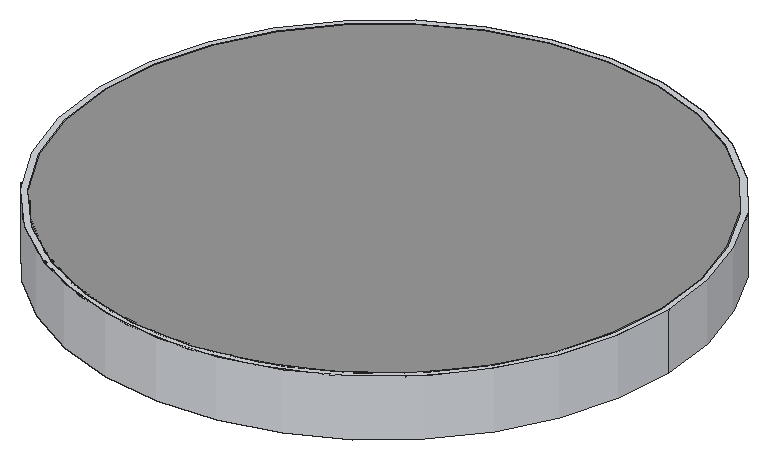
Revit family "2071222", category Lighting Fixtures, host Face, Revit 2018
Family settings
  Host = Face
  Round Connector Dimension = Use Diameter
  Part Type = Normal
  OmniClass Number = 23.80.70.00
  OmniClass Title = Lighting
  Cut with Voids When Loaded = No
  Light Source = Yes
  Shared = No
  Room Calculation Point = No
Parameters (values of type "2071222 COLOSSAL 600 940 OP DIR+H WHT EM")
  iner diameter = 588 mm
  Weight = "n/a"
  Wattage Comments = ""
  Wattage = 30 W
  WarrantyStartDate [instance] = "n/a"
  WarrantyGuarantorParts = "n/a"
  WarrantyDurationUnit = "n/a"
  WarrantyDurationParts = ""
  WarrantyDescription = "http://www.sylvania-lighting.com"
  built-in parameter 1150110 = 1 (stored number, unit not read)
  Voltage = 230 V
  URL = "0.95"
  TypeName = "COLOSSAL 600mm 940 OPAL DIR+HAL WHITE EM"
  Type Image = <None>
  Type Comments = "n/a"
  built-in parameter 1114217 = 1 (stored number, unit not read)
  Tilt Angle = -90.00°
  built-in parameter 1150109 = 1 (stored number, unit not read)
  built-in parameter 1150134 = (empty or 0)
  built-in parameter 1150113 = 1 (stored number, unit not read)
  SerialNumber [instance] = "n/a"
  Photometric Web File = "2071222.ies"
  Material_3_SYL = LED-Sylvania
  PowerFactor = 0
  PowerConsumption = "Lighting"
  NominalLength = 600 mm
  NominalHeight = 93 mm
  NominalDepth = 600 mm
  Name = "COLOSSAL 600mm 940 OPAL DIR+HAL WHITE EM"
  ModelReference = Name  # "COLOSSAL 600mm 940 OPAL DIR+HAL WHITE EM"
  ModelNumber = "2071222"
  Model = Name  # "COLOSSAL 600mm 940 OPAL DIR+HAL WHITE EM"
  Material = "Feilo Sylvania"
  ManufacturerName = "112 lm/W"
  Manufacturer = ""
  LuminousEfficacy = ""
  built-in parameter 1150105 = 270.44 (stored number, unit not read)
  Lumens = 3398.4 lm
  LuminaireType = "0"
  built-in parameter 1150115 = 1 (stored number, unit not read)
  LightOutputRatio = "LED"
  built-in parameter 1150137 = (empty or 0)
  built-in parameter 1150139 = (empty or 0)
  LampsType = Lamp  # "n/a"
  LampNominalLuminous = "4000 K"
  LampMacAdamStep = "90"
  LampColourTemperature = "LED"
  LampColourRenderingIndex = "16500"
  built-in parameter 1150112 = 1 (stored number, unit not read)
  built-in parameter 1150114 = 1 (stored number, unit not read)
  Lamp = "n/a"
  Keynote = "n/a"
  InstallationDate [instance] = "n/a"
  InputVoltage = "0"
  InputNominalFrequency = "4000"
  built-in parameter 1150132 = (empty or 0)
  built-in parameter 1150102 = (empty or 0)
  built-in parameter 1150107 = 3000 (stored number, unit not read)
  built-in parameter 1150138 = (empty or 0)
  IngressProtection = "IfcLightFixtureType"
  ImpactProtectionIndex = "IfcLightFixtureType"
  built-in parameter 1150106 = 2.7044 (stored number, unit not read)
  IfcExportType = "IfcLightFixtureType"
  IfcExportAs = "Class I"
  Emit from Circle Diameter = 385 mm
  Emit Shape Visible in Rendering = no
  ElectricShockClassification = "112"
  built-in parameter 1150104 = 10.524 (stored number, unit not read)
  DocumentationLiterature = "http://www.sylvania-lighting.com/product/en-int/products/2071222"
  DimmingControlOptions = "n/a"
  Material_2_SYL = Polycarbonate_Sylvania_White
  Dimming Lamp Color Temperature Shift = <None>
  Description = "600mm diameter circular architectural luminaire, can be surface mounted or suspended. Powder coated aluminium housing (RAL9016) with polycarbonate opal diffuser. Direct/indirect (halo) light distribution, 4635lm luminuous flux, 41.5W system power, 112lm/W luminiaire efficacy. Constant current driver. 3 hours integrated emergency. Colour rendering index Ra >90, 4000K Neutral White LED, chromaticity tolerance of 3-step MacAdam ellipse. IP40, IK03. 450mA drive current. Electrical protection Class1, 220-240V. Reported lifetime 66k hours L90B10."
  Default Elevation = 1219.2 mm
  CreatedOn = "23/03/2022"
  CreatedBy = "@sylvania-lighting.com"
  Cost = 0
  Color Filter = 16777215
  built-in parameter 1114216 [instance] = (empty or 0)
  ClassificationValue = "EF_70_80"
  ClassificationName = "Uniclass2015"
  Material_1_SYL = Polycarbonate_Sylvania_Opal
  BarCode [instance] = "n/a"
  built-in parameter 1114218 = 1 (stored number, unit not read)
  built-in parameter 1150133 = 10 (stored number, unit not read)
  AssetType = "Fixed"
  AssetIdentifier [instance] = "n/a"
  Assembly Code = "D5020200"
  Apparent Load = 41.5 VA
  Material_4_SYL = none
Reference planes
  plane 1 "Center (Front/Back)": y = 0
  plane 2: z = 0
  plane 3 "Center (Left/Right)": x = 0
  plane 4: x = -300
  plane 5: x = 300
  plane 6: y = 300
  plane 7: y = -300
  plane 8: y = 212
  plane 9: y = -212
  plane 10: z = 93
  plane 11: y = 294
  plane 12: y = -294
  plane 13: through (0, 0, 1219.2) normal (0.5, -0.866, 0)
  plane 14: through (-134.29, 20.617, 1219.2) normal (0.5, -0.866, 0)
  plane 15: through (-144.685, -181.683, 1219.2) normal (-0.5, 0.866, 0)
  plane 16: through (0, 0, 1219.2) normal (0.5, 0.866, 0)
  plane 17: through (178.555, -4.939, 1219.2) normal (0.5, 0.866, 0)
  plane 18: through (87.581, -148.715, 1219.2) normal (0.5, 0.866, 0)
  plane 19: y = 272
  plane 20: through (105.168, 227.067, 1219.2) normal (0.866, 0.5, 0)
  plane 21: through (-104.171, 225.672, 1219.2) normal (0.8572, -0.515, 0)
  plane 22: y = -204.612
  plane 23: through (-296.643, -30.2, 1219.2) normal (0.866, 0.5, 0)
  plane 24: through (153.092, -278.837, 1219.2) normal (-0.866, 0.5, 0)
Forms (mm)
  Extrusion 1, solid, detail levels medium+fine
    sketch origin (0, 0, 0) x (1, 0, 0) y (0, 1, 0)
      loop
        circle (0, 0) r 300
    from 33.023 to 93
  Extrusion 2, void
    sketch origin (0, 0, 0) x (1, 0, 0) y (0, 1, 0)
      loop
        circle (0, 0) r 294
    from 93 to 37.292
  Extrusion 3, solid, material "Glass, White, High Luminance", detail levels fine
    sketch origin (0, 0, 0) x (1, 0, 0) y (0, 1, 0)
      loop
        circle (0, 0) r 294
    from 88.026 to 93
  Extrusion 4, solid, detail levels coarse
    sketch origin (0, 0, 0) x (1, 0, 0) y (0, 1, 0)
      loop
        line (-300, 300) -> (-300, -300) -> (300, -300) -> (300, 300) -> (-300, 300)
    from 0 to 93
  Blend 5, solid, detail levels medium+fine
    base sketch origin (0, 0, 0) x (1, 0, 0) y (0, 1, 0)
      loop
        line (-76.334, 272) -> (-277.665, -63.07) -> (-195.946, -204.612) -> (195.946, -204.612) -> (275.172, -67.388) -> (79.226, 272) -> (-76.334, 272)
    top sketch origin (0, 0, 0) x (1, 0, 0) y (0, 1, 0)
      loop
        line (-226.097, -32.388) -> (-141.097, -179.612) -> (141.097, -179.612) -> (226.097, -32.388) -> (85, 212) -> (-85, 212) -> (-226.097, -32.388)
    from 33.023 to 0
Cuts and joins
  Extrusion 2 cuts Extrusion 1
Lines and regions (mm)
  model lines
    curve 1: line (-85, 212, 0) -> (0, 212, 0)
    curve 2: line (0, 212, 0) -> (85, 212, 0)
Dimensions and locks
  "NominalDepth": plane 6 to plane 7
  "NominalLength": plane 4 to plane 5
  equal spacing: plane 4, plane 3 "Center (Left/Right)", plane 5
  "iner diameter": plane 11 to plane 12
  equal spacing: plane 11, plane 1 "Center (Front/Back)", plane 12
  equal spacing: plane 6, plane 1 "Center (Front/Back)", plane 7
  "NominalHeight": plane 10 to level
  radius of Extrusion 2 sketch curve = 294 mm
  aligned and locked: plane 2 to host face
  aligned and locked: level to host face
Automatic sketch dimensions
  host sketch curve to host sketch curve = 2438.4 mm  (x2)
  plane 1 "Center (Front/Back)" to Extrusion 1 sketch curve = 0 mm
  Extrusion 1 sketch curve to plane 3 "Center (Left/Right)" = 0 mm
  plane 1 "Center (Front/Back)" to Extrusion 2 sketch curve = 0 mm
  Extrusion 2 sketch curve to plane 3 "Center (Left/Right)" = 0 mm
  plane 1 "Center (Front/Back)" to Extrusion 3 sketch curve = 0 mm
  Extrusion 3 sketch curve to plane 3 "Center (Left/Right)" = 0 mm
  Extrusion 4 sketch curve to plane 4 = 0 mm
  Extrusion 4 sketch curve to plane 5 = 0 mm
  Extrusion 4 sketch curve to plane 7 = 0 mm
  Extrusion 4 sketch curve to plane 6 = 0 mm
  Blend 5 sketch curve to plane 8 = 0 mm
  Blend 5 sketch curve to plane 3 "Center (Left/Right)" = 85 mm
  plane 3 "Center (Left/Right)" to Blend 5 sketch curve = 85 mm
  plane 9 to Blend 5 sketch curve = 32.388 mm
  plane 3 "Center (Left/Right)" to Blend 5 sketch curve = 141.097 mm
  plane 1 "Center (Front/Back)" to Blend 5 sketch curve = 32.388 mm  (x2)
  Blend 5 sketch curve to plane 5 = 73.903 mm
  Blend 5 sketch curve to plane 3 "Center (Left/Right)" = 141.097 mm
  plane 4 to Blend 5 sketch curve = 73.903 mm
  curve 1 to plane 8 = 0 mm
  curve 2 to plane 3 "Center (Left/Right)" = 0 mm
  curve 1 to plane 3 "Center (Left/Right)" = 85 mm
  curve 1 to curve 2 = 85 mm
  Blend 5 sketch curve to plane 21 = 0 mm
  Blend 5 sketch curve to plane 23 = 0 mm  (x2)
  Blend 5 sketch curve to plane 22 = 0 mm
  Blend 5 sketch curve to plane 19 = 0 mm
  plane 21 to Blend 5 sketch curve = 0 mm
  Blend 5 sketch curve to plane 20 = 0 mm  (x2)
  Blend 5 sketch curve to plane 24 = 0 mm  (x2)
  radius of Extrusion 1 sketch curve = 300 mm
  radius of Extrusion 3 sketch curve = 294 mm
Connectors
  electrical at (0, 0, 0), driven by "Apparent Load", driven by "PowerFactor", driven by "Voltage"
    settings: index 1, voltage 230 V, apparent load 41.5 VA, apparent load phase1 0 VA, apparent load phase2 0 VA, apparent load phase3 0 VA, power factor 0, load classification "Lighting", number of poles 1, system type 30, power factor state 1, is connector primary yes, connector utility no, sub classification motor no, connector description ""
